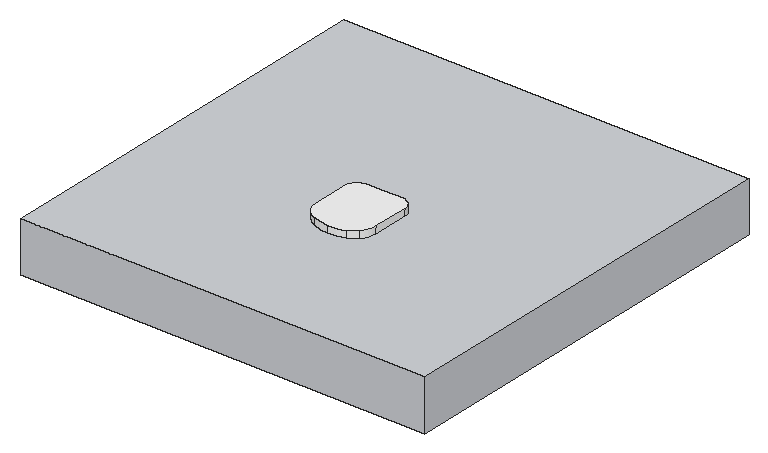
Revit family "IS_Tempo_T6973_BIM_GB", category Plumbing Fixtures, host Face, Revit 2012
Parameters (values of type "T679301 - Tempo Seat & Cover, Slow Close")
  WaterEfficientProduct = no
  WarrantyStartDate [instance] = "1900-12-31-T23:59:59"
  WarrantyGuarantorParts = "Productinfo@thebluebook.co.uk"
  WarrantyGuarantorLabor = "n/a"
  WarrantyDurationUnit = "year"
  WarrantyDurationParts = "5"
  WarrantyDurationLabor = "n/a"
  WarrantyDescription = "Manufacturers Warranty"
  WRAS = no
  WFU = 0
  VolumeUnits = "Litres"
  Version = "2"
  Uniclass2 = "Pr_40_20_93_95"
  URL = "www.idealspec.co.uk"
  Type Comments = "n/a"
  TagNumber [instance] = "n/a"
  SustainabilityPerformance = "n/a"
  SpareParts = "www.fastpart-spares.co.uk"
  Space = "Internal"
  Size = "425 x 358 x 40 mm"
  Shape = "Soft Square"
  SerialNumber [instance] = "n/a"
  SeatType = "RingSeat"
  SeatSKU = ISI_IdealStandard_WCSeat_SeatMaterial_Render
  SeatMaterial = "Plastic"
  SeatHasCover = yes
  SeatColor = "White"
  Revision = "n/a"
  ReplacementCost = "n/a"
  ProductInformation = "www.idealspec.co.uk/assets/datasheet/T679301"
  Phone = "01482 346461"
  NominalWidth = 358.007 mm
  NominalLength = 425.142 mm
  NominalHeight = 40 mm
  NominalDepth = NominalLength  # 425.142 mm
  NettWeight = "2.3 Kg"
  Name = "WCSeats_Tempo-AllVariants_IdealStandard"
  NBSTypeID = "n/a"
  NBSReference = "45-35-70/391"
  NBSOfficeMasterTag = "n/a"
  NBSNote = "n/a"
  NBSDescription = "WC seats and covers"
  NBSCertification = "n/a"
  ModelReference = "Tempo seat & cover,  slow close"
  ModelNumber = "T679301"
  Model = "T679301"
  Material = "Plastic"
  ManufacturerURL = "www.idealspec.co.uk"
  Manufacturer = "Productinfo@thebluebook.co.uk"
  LinearUnits = "millimeters"
  InstallationInstructions = "www.idealspec.co.uk/resources.html"
  InstallationDate [instance] = "1900-12-31-T23:59:59"
  IfcExportType = "WCSEAT"
  IfcExportAs = "IfcSanitaryTerminalType"
  Help = "www.idealspec.co.uk/contact-us.html"
  HWFU = 0
  GrossWeight = "n/a"
  Grade = "n/a"
  Finish = Color  # "White"
  Features = "Slow close"
  ExpectedLife = "15"
  ECA = no
  DurationUnit = "year"
  DistributedBy = "n/a"
  Description = "Tempo seat & cover,  slow close"
  Default Elevation = 1219.2 mm
  CurrencyUnit = "n/a"
  CreatedOn = "2014-10-14"
  Cost = 0
  Constituents = "n/a"
  ConnectionType = "Plumbing"
  Color = "White"
  CodePerformance = "n/a"
  Category = "n/a"
  CWFU = 0
  Brand = "Ideal Standard"
  BarCode [instance] = "n/a"
  BIMObjectName = "ISI_IdealStandard_WCSeat_Tempo_T6793"
  Author = "Ideal Standard (UK) Ltd"
  AssetType = "Fixed"
  AssetIdentifier [instance] = "n/a"
  Assembly Code = "C1030200"
  AreaUnits = "millimeters"
  AreaMeasurement = "n/a"
  Accessories = "www.idealspec.co.uk"
  AccessibilityPerformance = "n/a"
Reference planes
  plane 1 "Center (Front/Back)": y = 0
  plane 2: z = 0
  plane 3 "Center (Left/Right)": x = 0
Forms (mm)
  Extrusion 1, solid
    sketch origin (0, 0, 0) x (1, 0, 0) y (0, 1, 0)
      loop
        line (-1219.2, 1219.2) -> (-1219.2, -1219.2) -> (1219.2, -1219.2) -> (1219.2, 1219.2) -> (-1219.2, 1219.2)
    from 0 to -304.8
  Extrusion 2, solid, material "ISI_IdealStandard_WCSeat_SeatMaterial_Render" <- "SeatSKU", detail levels medium+fine
    sketch origin (0, 0, 0) x (1, 0, 0) y (0, 1, 0)
      loop
        line (-0.083, 0) -> (-109.086, 0)
        arc (-109.086, 0) -> (-158.584, -20.503) -> (-179.086, -70) r 70
        line (-179.086, -70) -> (-179.086, -284.378)
        arc (-179.086, -284.378) -> (-171.525, -329.513) -> (-148.304, -368.95) r 125.686
        arc (-148.304, -368.95) -> (-124.816, -388.493) -> (-98.419, -403.88) r 184.027
        arc (-98.419, -403.88) -> (-50.183, -418.77) -> (-0.083, -424.967) r 286.658
        arc (-0.083, -424.967) -> (50.017, -418.77) -> (98.253, -403.88) r 286.658
        arc (98.253, -403.88) -> (124.651, -388.493) -> (148.139, -368.95) r 184.027
        arc (148.139, -368.95) -> (171.437, -329.527) -> (179.086, -284.378) r 125.847
        line (179.086, -284.378) -> (179.086, -70)
        arc (179.086, -70) -> (158.584, -20.503) -> (109.086, 0) r 70
        line (109.086, 0) -> (-0.083, 0)
    from 0 to 40
Dimensions and locks
  Extrusion 2 sketch curve to Extrusion 2 sketch curve = 358.172 mm
  aligned and locked: plane 2 to Extrusion 1
  aligned and locked: level to Extrusion 1
